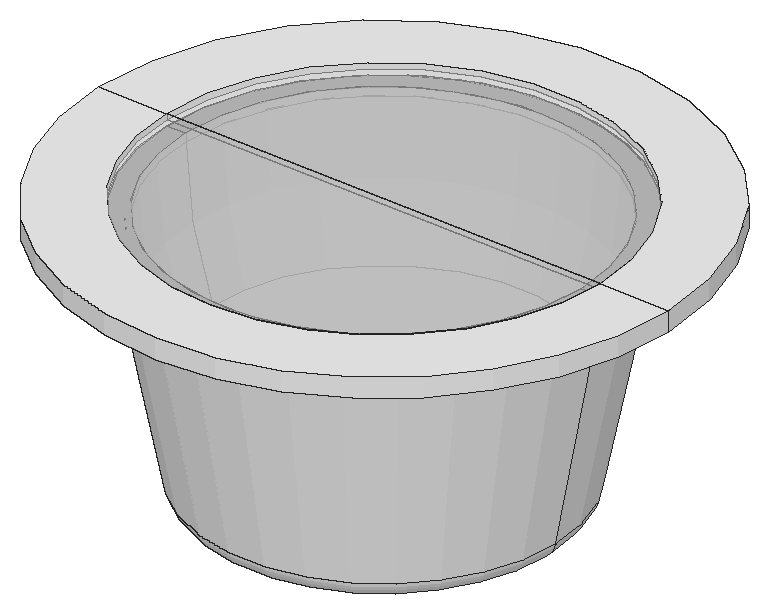
Revit family "2060568+2039013 Sylvania Lighting Fixture ASCENT 100 II ARCH 2700 4K DALI EMG 160 with IP54 PC Cover", category Lighting Fixtures, host Face, Revit 2016
Family settings
  Host = Face
  Part Type = Normal
  Round Connector Dimension = Use Diameter
  OmniClass Number = 23.80.70.11.17
  OmniClass Title = Specialized Lighting by Location or Use
  Cut with Voids When Loaded = No
  Light Source = Yes
  Shared = No
  Room Calculation Point = No
Parameters (values of type "2060568+2039013 ASCT100 II ARCH 2700 4K DALI EMG 160 with IP54 PC Cover")
  WidthBezelAcc_SYL = 25.0 mm
  Weight = "1.92 kg"
  Wattage = 23 W
  WarrantyStartDate [instance] = "n/a"
  WarrantyGuarantorParts = "n/a"
  WarrantyDurationUnit = "n/a"
  WarrantyDurationParts = "n/a"
  WarrantyDescription = "n/a"
  built-in parameter 1150110 = 1 (stored number, unit not read)
  Voltage = 0 V
  VisibilityAccessory_SYL = yes
  TypeName = "ASCENT 100 II ARCH 2700 4K DALI EMG 160 with IP54 PC Cover"
  built-in parameter 1114217 = 1 (stored number, unit not read)
  Tilt Angle = -90°
  built-in parameter 1150109 = 1 (stored number, unit not read)
  built-in parameter 1150134 = 12
  built-in parameter 1150113 = 1 (stored number, unit not read)
  SerialNumber [instance] = "n/a"
  ReflectorRadius_SYL = Radius_SYL - 14.5 mm  # 80.0 mm
  RadiusAcc_SYL = 105.0 mm
  Radius_SYL = 94.5 mm
  URL = "http://www.sylvania-lighting.com"
  PowerFactor = 0
  PowerConsumption = "23 W"
  Photometric Web File = "2060568.ies"
  NominalWidth = 0.0 mm
  NominalLength = 0.0 mm
  NominalHeight = 94.0 mm
  Name = "ASCENT 100 II ARCH 2700 4K DALI EMG 160 with IP54 PC Cover"
  ModelReference = "ASCENT 100 II ARCH 2700 4K DALI EMG 160 with IP54 PC Cover"
  ModelNumber = "2060568+2039013"
  Material_4_SYL = none
  Material_3_SYL = Polycarbonate_Sylvania_Ascent_Clear
  Material_2_SYL = Aluminium_Sylvania_Ascent_Silver
  Material_1_SYL = Aluminum_Sylvania_Ascent_White
  Material = "aluminium housing, arcylic diffuser"
  ManufacturerName = "Feilo Sylvania"
  LuminousEfficacy = "120 lm/W"
  built-in parameter 1150105 = 219.63 (stored number, unit not read)
  Lumens = 2760 lm
  LuminaireType = ""
  built-in parameter 1150115 = 1 (stored number, unit not read)
  LightOutputRatio = "100"
  built-in parameter 1150137 = (empty or 0)
  built-in parameter 1150139 = (empty or 0)
  LampsType = Lamp  # "LED"
  LampNominalLuminous = "2767 lm"
  LampMacAdamStep = "3"
  LampColourTemperature = "4000 K"
  LampColourRenderingIndex = "80"
  built-in parameter 1150112 = 1 (stored number, unit not read)
  built-in parameter 1150114 = 1 (stored number, unit not read)
  Keynote = "16500"
  InstallationDate [instance] = "n/a"
  InputVoltage = "n/a"
  InputNominalFrequency = "n/a"
  built-in parameter 1150132 = (empty or 0)
  built-in parameter 1150102 = (empty or 0)
  built-in parameter 1150107 = 4000 (stored number, unit not read)
  built-in parameter 1150138 = (empty or 0)
  IngressProtection = "IP54"
  ImpactProtectionIndex = "IK02"
  built-in parameter 1150106 = 2.1963 (stored number, unit not read)
  IfcExportType = "IfcLightFixtureType"
  IfcExportAs = "IfcLightFixtureType"
  Height_SYL = 94.0 mm
  HeightAcc_SYL = 7.0 mm
  ExpectedLife = 50000
  EmittionSurface_SYL = if(VisibilityAccessory_SYL, 7.0 mm, 3.0 mm)  # 7.0 mm
  Emit from Circle Diameter = DiffuserRadius_SYL * 2  # 146.0 mm
  Emit Shape Visible in Rendering = no
  ElectricShockClassification = "Class II"
  built-in parameter 1150104 = 11.148 (stored number, unit not read)
  DurationUnit = "hours"
  DocumentationLiterature = "http://www.sylvania-lighting.com/product/en-int/products/2060568"
  DimmingControlOptions = "n/a"
  Dimming Lamp Color Temperature Shift = <None>
  DiffuserRadius_SYL = ReflectorRadius_SYL - 7.0 mm  # 73.0 mm
  Diameter_SYL = 2 * Radius_SYL  # 189.0 mm
  CutoutDiameter_SYL = Diameter_SYL - 13.0 mm  # 176.0 mm
  CreatedOn = "9/17/2018"
  CreatedBy = "@sylvania-lighting.com"
  Color Filter = 16777215
  built-in parameter 1114216 [instance] = 1 (stored number, unit not read)
  Model = "ASCENT 100 II ARCH 2700 4K DALI EMG 160 with IP54 PC Cover"
  Manufacturer = "Feilo Sylvania"
  Lamp = "LED"
  Description = "Direct LED retro fit for original LED 100 Arch (160) single CFL lamp offering Matching lumen levels and improved light distribution of original LED 100 CFL lamp equivalents Typically half the power consumption compared to CFL Up to 112lm/W 160mm aperture Architectural reflector accepts range of glass accessories from existing LED 100 Arch 160 offering HE, HO and VHO versions equivalent of single 1 x 18W, 1 x 32W, 1 x 42W\r\n Additional VVHO versions which offer the performance circa 2 x 32W equivalent"  # constant formula
  Default Elevation = 0.0 mm
  built-in parameter 1140040 [instance] = 1
  BarCode [instance] = "n/a"
  built-in parameter 1114218 = 1 (stored number, unit not read)
  built-in parameter 1150133 = 10 (stored number, unit not read)
  AssetType = "Fixed"
  AssetIdentifier [instance] = "n/a"
  Assembly Code = "D5020200"
  Apparent Load = 23 VA
  Aperture_SYL = 2 * ReflectorRadius_SYL  # 160.0 mm
Types (2, lengths in mm): name | Wattage | TypeName | Photometric Web File | Name | ModelReference | built-in parameter 1150105 | Lumens | built-in parameter 1150106 | Model | Apparent Load
  2060568+2039013 ASCT100 II ARCH 2700 4K DALI EMG 160 with IP54 PC Cover | 23 W | "ASCENT 100 II ARCH 2700 4K DALI EMG 160 with IP54 PC Cover" | "2060568.ies" | "ASCENT 100 II ARCH 2700 4K DALI EMG 160 with IP54 PC Cover" | "ASCENT 100 II ARCH 2700 4K DALI EMG 160 with IP54 PC Cover" | 219.63 (stored number, unit not read) | 2760 lm | 2.1963 (stored number, unit not read) | "ASCENT 100 II ARCH 2700 4K DALI EMG 160 with IP54 PC Cover" | 23 VA
  2060568+2039013 ASCT100 II ARCH 2700 4K DALI EMG 160 with IP54 PC Cover Emergency mode | 1.58333 W | "ASCT100 II ARCH 2700 4K DALI EMG 160 with IP54 PC Cover Emergency mode" | "2060568EM.ies" | "ASCT100 II ARCH 2700 4K DALI EMG 160 with IP54 PC Cover Emergency mode" | "ASCT100 II ARCH 2700 4K DALI EMG 160 with IP54 PC Cover Emergency mode" | 15.12 (stored number, unit not read) | 190 lm | 0.1512 (stored number, unit not read) | "ASCT100 II ARCH 2700 4K DALI EMG 160 with IP54 PC Cover Emergency mode" | 1.58333 VA
Reference planes
  plane 1 "Center (Front/Back)": y = 0
  plane 2: z = 0
  plane 3 "Center (Left/Right)": x = 0
  plane 4 "Fixture Bottom": z = 3
  plane 5: z = -52.5
  plane 6 "Fixture Top": z = -91
  plane 7: x = -105
  plane 8: z = 7
  plane 9: x = -80
  plane 10: z = 5
  plane 11: x = -103
Forms (mm)
  Extrusion 1, solid, material "Aluminum_Sylvania_Ascent_White", detail levels fine
    sketch origin (0, 0, 0) x (1, 0, 0) y (0, 1, 0)
      loop
        circle (0, 0) r 94.5
      loop
        circle (0, 0) r 80
    from 0 to 3
  Extrusion 2, void
    sketch origin (0, 0, 0) x (1, 0, 0) y (0, 1, 0)
      loop
        circle (0, 0) r 88
    from -91 to 3
  Revolve 3, solid, material "Aluminum_Sylvania_Ascent_White" <- "Material_1_SYL", detail levels fine
    sketch origin (0, 0, 0) x (1, 0, 0) y (0, 0, 1)
      loop
        line (0, -91.073) -> (0, -89.023) -> (-55.468, -89.014)
        arc (-55.468, -89.014) -> (-59.352, -87.613) -> (-61.54, -84.139) r 6.307
        line (-61.54, -84.139) -> (-77.991, -2.844) -> (-77.991, 0) -> (-80, 0) -> (-80, -3) -> (-63.5, -84.536)
        arc (-63.5, -84.536) -> (-60.643, -89.203) -> (-55.5, -91.073) r 8.291
        line (-55.5, -91.073) -> (0, -91.073)
      axis (0, 0) -> (0, -91.073)
    angle from 0 to 360
  Revolve 4, solid, material "Aluminium_Sylvania_Ascent_Silver" <- "Material_2_SYL", detail levels fine
    sketch origin (0, 0, 0) x (1, 0, 0) y (0, 0, 1)
      loop
        line (-80, 3) -> (-80, 0) -> (-75, 0)
        arc (-75, 0) -> (-72.349, -26.77) -> (-64.5, -52.5) r 136.5
        line (-64.5, -52.5) -> (-58, -52.5)
        arc (-58, -52.5) -> (-56.857, -61.521) -> (-53.5, -69.971) r 36.166
        line (-53.5, -69.971) -> (0, -69.971) -> (0, -50.5) -> (-63.16, -50.5)
        arc (-63.16, -50.5) -> (-70.517, -25.725) -> (-73, 0) r 134.5
        line (-73, 0) -> (-73, 3) -> (-80, 3)
      axis (0, 3) -> (0, -69.971)
    angle from 0 to 360
  Extrusion 5, solid, material "Polycarbonate_Sylvania_Ascent_Clear" <- "Material_3_SYL", detail levels fine
    sketch origin (0, 0, 0) x (1, 0, 0) y (0, 1, 0)
      loop
        circle (0, 0) r 73
    from 0 to 3
  Revolve 6, solid, material "Aluminum_Sylvania_Ascent_White" <- "Material_1_SYL", detail levels coarse+medium
    sketch origin (0, 0, 0) x (1, 0, 0) y (0, 0, 1)
      loop
        line (0, -91.073) -> (0, 3) -> (-94.5, 3) -> (-94.5, 0) -> (-79.5, 0) -> (-79.5, -3) -> (-63, -84.536)
        arc (-63, -84.536) -> (-60.143, -89.203) -> (-55, -91.073) r 8.291
        line (-55, -91.073) -> (0, -91.073)
      axis (0, 3) -> (0, -91.073)
    angle from 0 to 360
  Revolve 7, solid, material "Aluminum_Sylvania_Ascent_White" <- "Material_1_SYL", visible <- "VisibilityAccessory_SYL"
    sketch origin (0, 0, 0) x (1, 0, 0) y (0, 0, 1)
      loop
        line (-105, 0) -> (-103, 0) -> (-103, 5) -> (-80, 5) -> (-80, 7) -> (-105, 7) -> (-105, 0)
      axis (0, 7) -> (0, 0)
    angle from 0 to 360
  Revolve 8, solid, material "Polycarbonate_Sylvania_Ascent_Clear" <- "Material_3_SYL", visible <- "VisibilityAccessory_SYL"
    sketch origin (0, 0, 0) x (1, 0, 0) y (0, 0, 1)
      loop
        line (-80, 7) -> (-80, 5) -> (0, 5) -> (0, 7) -> (-80, 7)
      axis (0, 7) -> (0, 5)
    angle from 0 to 360
Lines and regions (mm)
  reference lines
    curve 1: line (-150, 0, 7) -> (125, 0, 7)
Dimensions and locks
  locked: plane 4 "Fixture Bottom" to plane 2 at 3
  "Height_SYL": plane 4 "Fixture Bottom" to plane 6 "Fixture Top"
  "ReflectorRadius_SYL": plane 3 "Center (Left/Right)" to Revolve 4 sketch curve
  locked: Revolve 4 sketch curve to Revolve 4 sketch curve at 15.5
  locked: Revolve 4 sketch curve to Revolve 4 sketch curve at 5
  locked: Revolve 4 sketch curve to Revolve 4 sketch curve at 7
  locked: Revolve 4 sketch curve to Revolve 4 sketch curve at 22
  locked: Revolve 4 sketch curve to Revolve 4 sketch curve at 26.5
  locked: Revolve 3 sketch curve to Revolve 3 sketch curve at 16.5
  locked: Revolve 3 sketch curve to Revolve 3 sketch curve at 24.5
  "ReflectorRadius_SYL": Revolve 3 sketch curve to plane 3 "Center (Left/Right)"
  locked: Revolve 3 sketch curve to plane 6 "Fixture Top" at 6.464
  locked: plane 2 to Revolve 3 sketch curve at 3
  locked: Revolve 3 sketch curve to Revolve 3 sketch curve at 2
  locked: Revolve 3 sketch curve to Revolve 3 sketch curve at 2.009
  locked: plane 2 to plane 5 at 52.5
  locked: Revolve 6 sketch curve to Revolve 6 sketch curve at 31.5
  locked: Revolve 6 sketch curve to Revolve 6 sketch curve at 39.5
  locked: Revolve 6 sketch curve to Revolve 6 sketch curve at 15
  "Radius_SYL": plane 3 "Center (Left/Right)" to Revolve 6 sketch curve
  "RadiusAcc_SYL": plane 3 "Center (Left/Right)" to plane 7
  "HeightAcc_SYL": plane 8 to level
  "WidthBezelAcc_SYL": plane 7 to plane 9
  locked: plane 7 to plane 11 at 2
  locked: plane 8 to plane 10 at 2
  "EmittionSurface_SYL": curve 1 to level
  "CutoutDiameter_SYL": diameter of Extrusion 2 sketch curve
  "ReflectorRadius_SYL": radius of Extrusion 1 sketch curve
  "DiffuserRadius_SYL": radius of Extrusion 5 sketch curve
  "Radius_SYL": radius of Extrusion 1 sketch curve
  aligned and locked: host face to plane 2
  aligned and locked: host face to level
  aligned and locked: plane 4 "Fixture Bottom" to Extrusion 1
  aligned and locked: Extrusion 1 to plane 2
  aligned and locked: Revolve 3 sketch curve to plane 3 "Center (Left/Right)"
  aligned and locked: Revolve 4 sketch curve to plane 3 "Center (Left/Right)"  (x2)
  aligned and locked: plane 4 "Fixture Bottom" to Revolve 4 sketch curve
  aligned and locked: Extrusion 5 to plane 2
  aligned and locked: plane 2 to Revolve 3 sketch curve  (x2)
  aligned and locked: Revolve 6 sketch curve to plane 3 "Center (Left/Right)"
  aligned and locked: plane 6 "Fixture Top" to Extrusion 2
  aligned and locked: Revolve 7 sketch curve to plane 3 "Center (Left/Right)"
  aligned and locked: host face to Revolve 7 sketch curve  (x2)
  aligned and locked: Revolve 7 sketch curve to plane 7
  aligned and locked: plane 8 to Revolve 7 sketch curve
  aligned and locked: plane 9 to Revolve 7 sketch curve
  aligned and locked: Revolve 7 sketch curve to plane 10
  aligned and locked: plane 11 to Revolve 7 sketch curve
  aligned and locked: Revolve 7 to Revolve 8 sketch curve
  aligned and locked: Revolve 8 sketch curve to Revolve 7  (x2)
  aligned and locked: Revolve 8 sketch curve to plane 3 "Center (Left/Right)"  (x2)
  aligned and locked: plane 3 "Center (Left/Right)" to imposter light
  aligned and locked: imposter light to plane 1 "Center (Front/Back)"
  aligned and locked: imposter light to curve 1
Automatic sketch dimensions
  plane 1 "Center (Front/Back)" to Extrusion 2 sketch curve = 0.0 mm
  Extrusion 2 sketch curve to plane 3 "Center (Left/Right)" = 0.0 mm
  Extrusion 1 sketch curve to Extrusion 1 sketch curve = 0.0 mm  (x2)
  plane 1 "Center (Front/Back)" to Extrusion 1 sketch curve = 0.0 mm
  Extrusion 1 sketch curve to plane 3 "Center (Left/Right)" = 0.0 mm
  plane 6 "Fixture Top" to Revolve 3 sketch curve = 0.073 mm
  Revolve 3 sketch curve to plane 6 "Fixture Top" = 6.861 mm
  Revolve 3 sketch curve to Revolve 3 sketch curve = 0.003 mm
  Revolve 3 sketch curve to Revolve 3 sketch curve = 0.009 mm  (x2)
  Revolve 3 sketch curve to Revolve 3 sketch curve = 0.023 mm
  Revolve 3 sketch curve to Revolve 3 sketch curve = 0.072 mm
  Revolve 3 sketch curve to Revolve 3 sketch curve = 0.008 mm
  Revolve 3 sketch curve to plane 6 "Fixture Top" = 1.977 mm
  Revolve 3 sketch curve to Revolve 3 sketch curve = 33.496 mm
  Revolve 3 sketch curve to Revolve 3 sketch curve = 0.028 mm
  plane 4 "Fixture Bottom" to Revolve 3 sketch curve = 82.431 mm
  Revolve 4 sketch curve to Revolve 4 sketch curve = 0.0 mm  (x2)
  Revolve 4 sketch curve to plane 5 = 0.0 mm
  Revolve 4 sketch curve to level = 0.0 mm
  plane 5 to Revolve 4 sketch curve = 2.0 mm
  plane 4 "Fixture Bottom" to Revolve 4 sketch curve = 9.642 mm
  plane 1 "Center (Front/Back)" to Extrusion 5 sketch curve = 0.0 mm
  Extrusion 5 sketch curve to plane 3 "Center (Left/Right)" = 0.0 mm
  Revolve 4 sketch curve to level = 69.971 mm
  Revolve 4 sketch curve to Revolve 4 sketch curve = 2.387 mm
  Revolve 6 sketch curve to level = 0.0 mm
  Revolve 6 sketch curve to plane 3 "Center (Left/Right)" = 0.0 mm
  Revolve 6 sketch curve to Revolve 6 sketch curve = 8.104 mm
  Revolve 6 sketch curve to level = 3.0 mm
  Revolve 6 sketch curve to plane 6 "Fixture Top" = 6.464 mm
  plane 6 "Fixture Top" to Revolve 6 sketch curve = 0.073 mm
  Revolve 6 sketch curve to Revolve 6 sketch curve = 33.496 mm
  plane 4 "Fixture Bottom" to Revolve 6 sketch curve = 82.431 mm
  host sketch curve to host sketch curve = 1704.996 mm
  host sketch curve to host sketch curve = 1500.0 mm
  plane 6 "Fixture Top" to Revolve 7 sketch curve = 281.274 mm
  Revolve 7 sketch curve to plane 8 = 1140.706 mm
  plane 6 "Fixture Top" to Revolve 8 sketch curve = 281.274 mm
  Revolve 8 sketch curve to Revolve 8 sketch curve = 1140.706 mm
  Revolve 3 sketch curve to plane 3 "Center (Left/Right)" = 0.0 mm
  Revolve 6 sketch curve to plane 4 "Fixture Bottom" = 0.0 mm
  plane 7 to curve 1 = 45.0 mm
  plane 3 "Center (Left/Right)" to curve 1 = 125.0 mm
Connectors
  electrical at (0, 0, -91.073), driven by "Apparent Load"
    settings: on Revolve 3, index 1, voltage 240 V, apparent load 0 VA, apparent load phase1 23 VA, apparent load phase2 0 VA, apparent load phase3 0 VA, power factor 1, load classification "Lighting", number of poles 1, system type 31, power factor state 1, is connector primary yes, connector utility no, sub classification motor no, connector description ""
